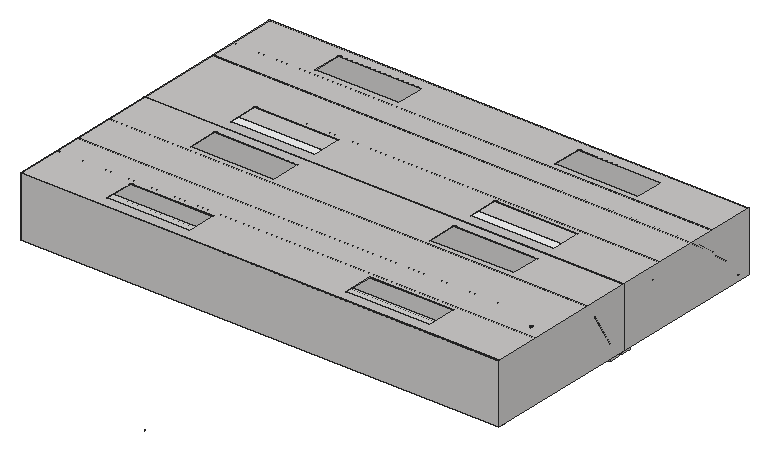
Revit family "QF_ELECTROLUXPROFESSIONAL_640242_STCF2640", category Attrezzature speciali, Revit 2021
Family settings
  Quota connettore circolare = Usa diametro
  Tipo di parte = Normale
  Basato su piano di lavoro = No
  Sempre verticale = Sì
  Taglio con vuoti quando caricato = No
  Condiviso = No
  Punto di calcolo locali = No
Parameters (values of type "Standard")
  Weight = 486.00 kg
  Watts = 640 W
  Volts = 220 V
  URL Manufacturer = "https://www.electroluxprofessional.com/"
  URL = "https://www.electroluxprofessional.com/"
  Steam Supply Size = 0 mm
  Steam Supply Minimum Pressure = 0.0 Pa
  Steam Supply Maximum Pressure = 0.0 Pa
  Steam Consumption per Hour = 0
  Refrigeration Suction Line Size = 0.0 mm
  Refrigeration Liquid Line Size = 0.0 mm
  Refrigerant Compressor Remote = yes
  Prospetto di default = 0.0 mm
  Produttore = "Electrolux Professional"
  Phase = 1
  Modello = "STCF2640"
  Length Actual = 4000.0 mm  # constant formula
  Item Number = "640242"
  Hot Water Size = 0 mm
  Height Actual = 500.0 mm  # constant formula
  HP = "0.9 HP"
  Gas Size = 0 mm
  Gas KW = 0
  Gas Input Pressure = 0 W
  Direct Waste Size = 0 mm
  Descrizione = "304 S/S ISLAND HOOD+FILT.+LAMPS 400X260"
  Depth Actual = 2600.0 mm  # constant formula
  Cycle = 50 Hz
  Condensate Return Size = 0 mm
  Compressed Air Volume = 0.0 L/s
  Compressed Air Size = 0 mm
  Compressed Air Pressure = 0.0 Pa
  Cold Water Size = 0 mm
  Accessory = yes
Reference planes
  plane 1 "Center (Front/Back)": y = 0
  plane 2: z = 0
  plane 3 "Center (Left/Right)": x = 600
  plane 4 "LEFT": x = -1400
  plane 5 "RIGHT": x = 2600
  plane 6 "BACK": y = 1300
  plane 7 "FRONT": y = -1300
  plane 8 "Base": z = 2000
  plane 9 "EIx": x = 2480
  plane 10 "Top": z = 2500
  plane 11 "BaseHood": z = 2000
  plane 12 "EI": y = -820
Forms (mm)
  Extrusion 1, solid, material "QF_Finishes_Stainless Steel"
    sketch origin (0, -820, 2500) x (0, 1, 0) y (-1, 0, 0)
      loop
        circle (0, -2480) r 10
    from 0 to 1.6
Dimensions and locks
  equal spacing: plane 6 "BACK", plane 1 "Center (Front/Back)", plane 7 "FRONT"
  plane 6 "BACK" to plane 7 "FRONT" = 2600.0 mm
  locked: plane 9 "EIx" to plane 5 "RIGHT" at 120
  plane 11 "BaseHood" to level = 2000.0 mm
  plane 10 "Top" to plane 11 "BaseHood" = 500.0 mm
  equal spacing: plane 4 "LEFT", plane 3 "Center (Left/Right)", plane 5 "RIGHT"
  plane 4 "LEFT" to plane 5 "RIGHT" = 4000.0 mm
  plane 12 "EI" to plane 7 "FRONT" = 480.0 mm
  aligned and locked: level to plane 2
Automatic sketch dimensions
  plane 1 "Center (Front/Back)" to Extrusion 1 sketch curve = 820.0 mm
  Extrusion 1 sketch curve to plane 9 "EIx" = 0.0 mm
  radius of Extrusion 1 sketch curve = 10.0 mm
Nested families
  nested 1: "QF_ELECTROLUXPROFESSIONAL_640233" at (450, -550, 0), type "QF_ELECTROLUXPROFESSIONAL_640233"
  nested 2: "QF_ELECTROLUXPROFESSIONAL_640233" at (450, 550, 0), type "QF_ELECTROLUXPROFESSIONAL_640233"
Connectors
  piping at (2480, 60, 1970), diameter 9.5
    settings: on nested 2, index 9, connector inside diameter 609.6 mm, connector length 0.0 mm, flow factor 0, pipe flow 0.0 L/s, pressure drop 0.0 Pa, fitting loss kfactor 0, connector angle 0.00°, fixture units 0, engagement length 0.0 mm, angle of deflection 0.00°, flow configuration 1, flow direction 2, fitting loss method 0, system type 16, joint type 0, gender type 0, connector reference index -1, connector utility 0, adjustable connector no, is connector primary yes, connector description "Drain"
  piping at (2480, -60, 1970), diameter 9.5
    settings: on nested 1, index 10, connector inside diameter 609.6 mm, connector length 0.0 mm, flow factor 0, pipe flow 0.0 L/s, pressure drop 0.0 Pa, fitting loss kfactor 0, connector angle 0.00°, fixture units 0, engagement length 0.0 mm, angle of deflection 0.00°, flow configuration 1, flow direction 2, fitting loss method 0, system type 16, joint type 0, gender type 0, connector reference index -1, connector utility 0, adjustable connector no, is connector primary no, connector description "Drain"
  electrical at (2480, -820, 2501.6), driven by "Volts"
    settings: on Extrusion 1, index 11, voltage 220 V, apparent load 0 VA, apparent load phase1 0 VA, apparent load phase2 0 VA, apparent load phase3 0 VA, power factor 1, load classification "Other", number of poles 1, system type 30, power factor state 1, is connector primary yes, connector utility no, sub classification motor no, connector description "Electrical Connection"
  hvac at (-400, -1089, 2500)
    settings: on nested 1, index 12, duct flow 0.0 L/s, flow factor 0, pres drop 0.0 Pa, loss coef 0, conn angle 0.00°, conn width 700 mm, conn height 250 mm, conn diameter 609.6 mm, duct sys type 1, conn prof type 1, flow config 1, flow direction 1, loss method 0, conn ref index -1, conn util no, is conn primary yes, conn desc "AIR INLET"
  hvac at (-400, 1089, 2500)
    settings: on nested 2, index 13, duct flow 0.0 L/s, flow factor 0, pres drop 0.0 Pa, loss coef 0, conn angle 0.00°, conn width 250 mm, conn height 700 mm, conn diameter 609.6 mm, duct sys type 1, conn prof type 1, flow config 1, flow direction 1, loss method 0, conn ref index -1, conn util no, is conn primary no, conn desc "AIR INLET"
  hvac at (1600, 1089, 2500)
    settings: on nested 2, index 14, duct flow 0.0 L/s, flow factor 0, pres drop 0.0 Pa, loss coef 0, conn angle 0.00°, conn width 250 mm, conn height 700 mm, conn diameter 609.6 mm, duct sys type 1, conn prof type 1, flow config 1, flow direction 1, loss method 0, conn ref index -1, conn util no, is conn primary no, conn desc "AIR INLET"
  hvac at (1600, -1089, 2500)
    settings: on nested 1, index 15, duct flow 0.0 L/s, flow factor 0, pres drop 0.0 Pa, loss coef 0, conn angle 0.00°, conn width 700 mm, conn height 250 mm, conn diameter 609.6 mm, duct sys type 1, conn prof type 1, flow config 1, flow direction 1, loss method 0, conn ref index -1, conn util no, is conn primary no, conn desc "AIR INLET"
  hvac at (-400, 211, 2500)
    settings: on nested 2, index 16, duct flow 0.0 L/s, flow factor 0, pres drop 0.0 Pa, loss coef 0, conn angle 0.00°, conn width 250 mm, conn height 700 mm, conn diameter 609.6 mm, duct sys type 3, conn prof type 1, flow config 1, flow direction 2, loss method 0, conn ref index -1, conn util no, is conn primary no, conn desc "EXHAUST OUTLET"
  hvac at (-400, -211, 2500)
    settings: on nested 1, index 17, duct flow 0.0 L/s, flow factor 0, pres drop 0.0 Pa, loss coef 0, conn angle 0.00°, conn width 700 mm, conn height 250 mm, conn diameter 609.6 mm, duct sys type 3, conn prof type 1, flow config 1, flow direction 2, loss method 0, conn ref index -1, conn util no, is conn primary no, conn desc "EXHAUST OUTLET"
  hvac at (1600, 211, 2500)
    settings: on nested 2, index 18, duct flow 0.0 L/s, flow factor 0, pres drop 0.0 Pa, loss coef 0, conn angle 0.00°, conn width 250 mm, conn height 700 mm, conn diameter 609.6 mm, duct sys type 3, conn prof type 1, flow config 1, flow direction 2, loss method 0, conn ref index -1, conn util no, is conn primary no, conn desc "EXHAUST OUTLET"
  hvac at (1600, -211, 2500)
    settings: on nested 1, index 19, duct flow 0.0 L/s, flow factor 0, pres drop 0.0 Pa, loss coef 0, conn angle 0.00°, conn width 700 mm, conn height 250 mm, conn diameter 609.6 mm, duct sys type 3, conn prof type 1, flow config 1, flow direction 2, loss method 0, conn ref index -1, conn util no, is conn primary no, conn desc "EXHAUST OUTLET"
Definition of nested family "QF_ELECTROLUXPROFESSIONAL_640233"
  Parameters
    Default Elevation = 0.0 mm
  Reference planes
    plane 1: z = 0
    plane 2 "Center (Left/Right)": x = 150
    plane 3 "LEFT": x = -1850
    plane 4 "RIGHT": x = 2150
    plane 5 "BACK": y = 550
    plane 6 "TOP": z = 2500
    plane 7 "Base": z = 2000
    plane 8: z = 1955
    plane 9 "DrainY": y = 490
    plane 10: x = -1847
    plane 11 "DrainX": x = 2030
    plane 12 "AOLeft2": x = -500
    plane 13 "AORight1": x = 800
    plane 14: x = 2147
    plane 15: x = -1650
    plane 16: x = 1950
    plane 17 "Center (Front/Back)": y = -100
    plane 18 "Front": y = -750
    plane 19 "AOLeft1": x = -1200
    plane 20 "AORight2": x = 1500
    plane 21: y = -664
    plane 22: y = -414
    plane 23 "EI_y": y = -270
    plane 24 "EIx": x = 2030
    plane 25: y = 464
    plane 26: y = 214
  Forms (mm)
    Extrusion 1, solid
      sketch origin (-1850, 0, 360) x (0, 1, 0) y (0, 0, 1)
        loop
          line (550, 1640) -> (550, 2140) -> (-750, 2140) -> (-750, 1640) -> (550, 1640)
      from 0 to 3
    Extrusion 2, solid
      sketch origin (2150, 0, 360) x (0, 1, 0) y (0, 0, 1)
        loop
          line (550, 1640) -> (550, 2140) -> (-750, 2140) -> (-750, 1640) -> (550, 1640)
      from 0 to -3
    Extrusion 3, solid
      sketch origin (150, 0, 360) x (0, 1, 0) y (0, 0, 1)
        loop
          line (-750, 2140) -> (-750, 1640) -> (-740, 1640) -> (-740, 1640.8) -> (-749.2, 1640.8) -> (-749.2, 2139.19) -> (549.2, 2139.19) -> (549.2, 1640.8) -> (540, 1640.8) -> (540, 1640) -> (550, 1640) -> (550, 2140) -> (-750, 2140)
      from -2000 to 2000
    Extrusion 4, solid
      sketch origin (0, 0, 2000) x (0, 1, 0) y (-1, 0, 0)
        loop
          circle (490, -2030) r 4.763
      from -30 to 0
    Extrusion 5, void
      sketch origin (0, 0, 2500) x (0, 1, 0) y (-1, 0, 0)
        loop
          line (-414, 500) -> (-414, 1200) -> (-664, 1200) -> (-664, 500) -> (-414, 500)
      from 0 to -10
    Extrusion 6, solid
      sketch origin (0, 0, 0) x (1, 0, 0) y (0, 1, 0)
        loop
          line (-1850, 550) -> (-1850, 549) -> (-1849, 549) -> (-1849, 550) -> (-1850, 550)
      from 0 to 1
    Extrusion 7, solid
      sketch origin (150, 0, 360) x (0, 1, 0) y (0, 0, 1)
        loop
          line (-372.823, 1962.324) -> (-218.948, 2086.929) -> (-227.129, 2097.032) -> (-381.003, 1972.426) -> (-372.823, 1962.324)
      from 1997 to -1997
    Extrusion 8, solid
      sketch origin (150, 0, 360) x (0, 1, 0) y (0, 0, 1)
        loop
          line (-750, 2139.19) -> (-750, 1640) -> (-686.602, 1640) -> (-599.146, 1690.493) -> (-610.058, 1709.394) -> (-666.564, 1676.77) -> (-714.704, 1680.982) -> (-749.2, 1730.248) -> (-749.2, 2139.19) -> (-750, 2139.19)
        loop
          line (-373.6, 1961.694) -> (-381.937, 1971.99) -> (-369.095, 1982.182) -> (-369.095, 2139.19) -> (-369.895, 2139.19) -> (-369.895, 1982.569) -> (-682.298, 1734.63) -> (-671.091, 1720.79) -> (-373.6, 1961.694)
        loop
          line (-227.61, 2099.216) -> (-218.171, 2087.559) -> (-154.411, 2139.19) -> (-155.682, 2139.19) -> (-218.052, 2088.684) -> (-226.989, 2099.719) -> (-227.61, 2099.216)
      from -1997 to 1997
    Sweep 9, solid
      path origin (0, 0, 0) x (1, 0, 0) y (0, 1, 0)
        loop
          line (2150, 550) -> (-1850, 550) -> (-1850, -750) -> (2150, -750) -> (2150, 550)
      profile origin (2150, -100, 0) x (1, 0, 0) y (0, 0, 1)
        loop
          line (-3, 2000) -> (-3, 2000.8) -> (-19, 2000.8) -> (-19, 2010) -> (-20, 2010) -> (-20, 2000) -> (-3, 2000)
    Extrusion 10, solid
      sketch origin (150, 0, 0) x (0, 1, 0) y (0, 0, 1)
        loop
          line (414.66, 2095.469) -> (440.643, 2110.471) -> (261.744, 2411.771) -> (235.948, 2396.455) -> (414.66, 2095.469)
      from -1997 to -1800
    Extrusion 11, void
      sketch origin (1134.605, 0, 2500) x (0, 1, 0) y (-1, 0, 0)
        loop
          line (-414, -365.395) -> (-414, 334.605) -> (-664, 334.605) -> (-664, -365.395) -> (-414, -365.395)
      from 0 to -10
    Extrusion 12, solid
      sketch origin (2030, 0, 0) x (0, 1, 0) y (0, 0, 1)
        loop
          line (539, 2000) -> (441, 2000) -> (441, 1989) -> (448.5, 1989) -> (448.5, 1965)
          arc (448.5, 1965) -> (451.429, 1957.929) -> (458.5, 1955) r 10
          line (458.5, 1955) -> (521.5, 1955)
          arc (521.5, 1955) -> (528.571, 1957.929) -> (531.5, 1965) r 10
          line (531.5, 1965) -> (531.5, 1989) -> (539, 1989) -> (539, 2000)
      from 90 to -90
    Extrusion 13, solid
      sketch origin (150, 0, 360) x (0, 1, 0) y (0, 0, 1)
        loop
          line (-750, 2139.19) -> (-750, 1640) -> (-686.602, 1640) -> (-599.146, 1690.493) -> (-610.058, 1709.394) -> (-666.564, 1676.77) -> (-714.704, 1680.982) -> (-749.2, 1730.248) -> (-749.2, 2139.19) -> (-750, 2139.19)
        loop
          line (-373.6, 1961.694) -> (-381.937, 1971.99) -> (-369.095, 1982.182) -> (-369.095, 2139.19) -> (-369.895, 2139.19) -> (-369.895, 1982.569) -> (-682.298, 1734.63) -> (-671.091, 1720.79) -> (-373.6, 1961.694)
        loop
          line (-227.61, 2099.216) -> (-218.171, 2087.559) -> (-154.411, 2139.19) -> (-155.682, 2139.19) -> (-218.052, 2088.684) -> (-226.989, 2099.719) -> (-227.61, 2099.216)
      from -1997 to 1997
    Extrusion 14, solid
      sketch origin (150, 0, 0) x (0, 1, 0) y (0, 0, 1)
        loop
          line (414.66, 2095.469) -> (440.643, 2110.471) -> (261.744, 2411.771) -> (235.948, 2396.455) -> (414.66, 2095.469)
      from 1800 to 1997
    Extrusion 15, solid
      sketch origin (150, 0, 0) x (0, 1, 0) y (0, 0, 1)
        loop
          line (414.66, 2095.469) -> (440.643, 2110.471) -> (261.744, 2411.771) -> (235.948, 2396.455) -> (414.66, 2095.469)
      from -1800 to 1800
    Extrusion 16, void
      sketch origin (0, 1180, 2500) x (0, 1, 0) y (-1, 0, 0)
        loop
          line (-716, 500) -> (-716, 1200) -> (-966, 1200) -> (-966, 500) -> (-716, 500)
      from 0 to -10
    Extrusion 17, void
      sketch origin (1600, 1180, 2500) x (0, 1, 0) y (-1, 0, 0)
        loop
          line (-716, 100) -> (-716, 800) -> (-966, 800) -> (-966, 100) -> (-716, 100)
      from 0 to -10
    Extrusion 18, solid
      sketch origin (150, 0, 360) x (0, 1, 0) y (0, 0, 1)
        loop
          line (430.005, 1640) -> (540, 1640) -> (540, 1640.8) -> (430.467, 1640.8) -> (371.906, 1742.23) -> (414.858, 1734.657) -> (442.266, 1750.481) -> (442.266, 1765.943) -> (441.466, 1765.943) -> (441.466, 1750.943) -> (414.709, 1735.495) -> (321.153, 1751.991) -> (320.875, 1750.416) -> (371.4, 1741.507) -> (430.005, 1640)
        loop
          line (172.529, 2139.19) -> (242.893, 2017.316) -> (245.133, 2018.715) -> (240.13, 2027.381) -> (238.569, 2026.405) -> (173.453, 2139.19) -> (172.529, 2139.19)
      from -1997 to 1997
  Cuts and joins
    Extrusion 5, Extrusion 11, Extrusion 16, Extrusion 17 cuts Extrusion 3
    joined: Extrusion 2, Extrusion 3, Sweep 9
  Lines and regions (mm)
    symbolic lines, detail levels coarse
      curve 1: line (2150, 550, 2500) -> (-1850, 550, 2500)
      curve 2: line (-1850, 550, 2500) -> (-1850, -750, 2500)
      curve 3: line (2150, -750, 2500) -> (2150, 550, 2500)
      curve 4: line (-1850, 550, 0) -> (2150, -750, 0)
      curve 5: line (2150, 550, 0) -> (-1850, -750, 0)
      curve 6: line (-1850, -750, 0) -> (2150, -750, 0)
      curve 7: line (-500, -414, 0) -> (-1200, -414, 0)
      curve 8: line (-500, -664, 0) -> (-500, -414, 0)
      curve 9: line (-1200, -664, 0) -> (-500, -664, 0)
      curve 10: line (-1200, -414, 0) -> (-1200, -664, 0)
      curve 11: line (800, -414, 0) -> (800, -664, 0)
      curve 12: line (1500, -414, 0) -> (800, -414, 0)
      curve 13: line (1500, -664, 0) -> (1500, -414, 0)
      curve 14: line (800, -664, 0) -> (1500, -664, 0)
      curve 15: line (-1200, 214, 2500) -> (-500, 214, 2500)
      curve 16: line (-1200, 464, 2500) -> (-1200, 214, 2500)
      curve 17: line (-500, 464, 2500) -> (-1200, 464, 2500)
      curve 18: line (-500, 214, 2500) -> (-500, 464, 2500)
      curve 19: line (800, 464, 2500) -> (800, 214, 2500)
      curve 20: line (1500, 464, 2500) -> (800, 464, 2500)
      curve 21: line (800, 214, 2500) -> (1500, 214, 2500)
      curve 22: line (1500, 214, 2500) -> (1500, 464, 2500)
  Dimensions and locks
    plane 3 "LEFT" to plane 4 "RIGHT" = 4000.0 mm
    equal spacing: plane 3 "LEFT", plane 2 "Center (Left/Right)", plane 4 "RIGHT"
    plane 7 "Base" to plane 8 = 45.0 mm
    plane 5 "BACK" to plane 9 "DrainY" = 60.0 mm  (x2)
    plane 3 "LEFT" to plane 10 = 3.0 mm
    plane 11 "DrainX" to plane 4 "RIGHT" = 120.0 mm
    plane 14 to plane 4 "RIGHT" = 3.0 mm
    plane 3 "LEFT" to plane 15 = 200.0 mm
    plane 16 to plane 4 "RIGHT" = 200.0 mm
    locked: plane 12 "AOLeft2" to plane 13 "AORight1" at 1300
    equal spacing: plane 12 "AOLeft2", plane 2 "Center (Left/Right)", plane 13 "AORight1"
    locked: plane 7 "Base" to level at 2000
    locked: plane 6 "TOP" to plane 7 "Base" at 500
    plane 5 "BACK" to plane 18 "Front" = 1300.0 mm  (x2)
    equal spacing: plane 5 "BACK", plane 17 "Center (Front/Back)", plane 18 "Front"
    locked: plane 19 "AOLeft1" to plane 12 "AOLeft2" at 700
    locked: plane 13 "AORight1" to plane 20 "AORight2" at 700
    locked: plane 22 to plane 21 at 250
    plane 21 to plane 18 "Front" = 86.0 mm
    locked: plane 23 "EI_y" to plane 18 "Front" at 480
    locked: plane 24 "EIx" to plane 4 "RIGHT" at 120
    locked: plane 26 to plane 25 at 250
    plane 5 "BACK" to plane 25 = 86.0 mm
    aligned and locked: level to plane 1
    aligned and locked: plane 4 "RIGHT" to Extrusion 3
    aligned and locked: Extrusion 3 to plane 3 "LEFT"
    aligned and locked: Extrusion 2 to plane 14
    aligned and locked: Extrusion 10 to plane 10
    aligned and locked: Extrusion 8 to plane 10
    aligned and locked: plane 14 to Extrusion 8
    aligned and locked: Extrusion 5 to plane 19 "AOLeft1"
    aligned and locked: Extrusion 5 to plane 12 "AOLeft2"
    aligned and locked: plane 20 "AORight2" to Extrusion 11
    aligned and locked: plane 13 "AORight1" to Extrusion 11
    aligned and locked: plane 15 to Extrusion 10
    aligned and locked: plane 16 to Extrusion 14
    aligned and locked: plane 14 to Extrusion 14
    aligned and locked: Extrusion 15 to plane 15
    aligned and locked: Extrusion 15 to plane 16
    aligned and locked: plane 14 to Extrusion 7
    aligned and locked: Extrusion 7 to plane 10
    aligned and locked: plane 13 "AORight1" to Extrusion 17
    aligned and locked: plane 20 "AORight2" to Extrusion 17
    aligned and locked: Extrusion 16 to plane 19 "AOLeft1"
    aligned and locked: Extrusion 16 to plane 12 "AOLeft2"
    aligned and locked: Extrusion 18 to plane 10
    aligned and locked: plane 14 to Extrusion 18
    aligned and locked: plane 14 to Extrusion 13
    aligned and locked: Extrusion 13 to plane 10
    aligned and locked: plane 22 to cut or joined group of Extrusion 2, Extrusion 3, Extrusion 5, Sweep 9, Extrusion 11, Extrusion 16, Extrusion 17  (x2)
    aligned and locked: plane 22 to curve 7
    aligned and locked: plane 22 to curve 12
    aligned and locked: cut or joined group of Extrusion 2, Extrusion 3, Extrusion 5, Sweep 9, Extrusion 11, Extrusion 16, Extrusion 17 to plane 21  (x2)
    aligned and locked: curve 9 to plane 21
    aligned and locked: curve 14 to plane 21
    aligned and locked: cut or joined group of Extrusion 2, Extrusion 3, Extrusion 5, Sweep 9, Extrusion 11, Extrusion 16, Extrusion 17 to plane 25  (x2)
    aligned and locked: curve 17 to plane 25
    aligned and locked: curve 20 to plane 25
    aligned and locked: plane 26 to cut or joined group of Extrusion 2, Extrusion 3, Extrusion 5, Sweep 9, Extrusion 11, Extrusion 16, Extrusion 17  (x2)
    aligned and locked: plane 26 to curve 21
    aligned and locked: plane 26 to curve 15
  Automatic sketch dimensions
    Extrusion 4 sketch curve to plane 9 "DrainY" = 0.0 mm
    Extrusion 4 sketch curve to plane 11 "DrainX" = 0.0 mm
    Extrusion 10 sketch curve to plane 9 "DrainY" = 75.34 mm
    Extrusion 10 sketch curve to Extrusion 10 sketch curve = 25.983 mm
    plane 7 "Base" to Extrusion 10 sketch curve = 95.469 mm
    Extrusion 10 sketch curve to Extrusion 10 sketch curve = 15.001 mm
    Extrusion 10 sketch curve to plane 6 "TOP" = 103.545 mm
    Extrusion 10 sketch curve to Extrusion 10 sketch curve = 15.316 mm
    Extrusion 14 sketch curve to plane 9 "DrainY" = 75.34 mm
    Extrusion 14 sketch curve to Extrusion 14 sketch curve = 25.983 mm
    plane 7 "Base" to Extrusion 14 sketch curve = 95.469 mm
    Extrusion 14 sketch curve to Extrusion 14 sketch curve = 15.001 mm
    Extrusion 14 sketch curve to plane 6 "TOP" = 103.545 mm
    Extrusion 14 sketch curve to Extrusion 14 sketch curve = 15.316 mm
    Extrusion 15 sketch curve to plane 9 "DrainY" = 75.34 mm
    Extrusion 15 sketch curve to Extrusion 15 sketch curve = 25.983 mm
    plane 7 "Base" to Extrusion 15 sketch curve = 95.469 mm
    Extrusion 15 sketch curve to Extrusion 15 sketch curve = 15.001 mm
    Extrusion 15 sketch curve to plane 6 "TOP" = 103.545 mm
    Extrusion 15 sketch curve to Extrusion 15 sketch curve = 15.316 mm
    Extrusion 18 sketch curve to plane 7 "Base" = 0.0 mm
    Extrusion 18 sketch curve to plane 9 "DrainY" = 47.734 mm
    Extrusion 18 sketch curve to Extrusion 18 sketch curve = 0.8 mm
    plane 9 "DrainY" to Extrusion 18 sketch curve = 50.0 mm
    plane 7 "Base" to Extrusion 18 sketch curve = 0.8 mm
    Extrusion 18 sketch curve to Extrusion 18 sketch curve = 109.533 mm
    Extrusion 18 sketch curve to Extrusion 18 sketch curve = 0.462 mm  (x2)
    Extrusion 18 sketch curve to Extrusion 18 sketch curve = 26.608 mm
    Extrusion 18 sketch curve to Extrusion 18 sketch curve = 0.148 mm
    Extrusion 18 sketch curve to Extrusion 18 sketch curve = 42.803 mm
    Extrusion 18 sketch curve to Extrusion 18 sketch curve = 0.506 mm
    Extrusion 18 sketch curve to Extrusion 18 sketch curve = 50.247 mm
    Extrusion 18 sketch curve to Extrusion 18 sketch curve = 0.278 mm
    Extrusion 18 sketch curve to Extrusion 18 sketch curve = 2.24 mm
    Extrusion 18 sketch curve to plane 6 "TOP" = 0.81 mm
    Extrusion 18 sketch curve to Extrusion 18 sketch curve = 0.924 mm
    plane 7 "Base" to Extrusion 18 sketch curve = 94.657 mm
    Extrusion 18 sketch curve to Extrusion 18 sketch curve = 0.838 mm
    Extrusion 18 sketch curve to Extrusion 18 sketch curve = 6.012 mm
    Extrusion 18 sketch curve to Extrusion 18 sketch curve = 0.723 mm
    Extrusion 18 sketch curve to Extrusion 18 sketch curve = 14.986 mm
    Extrusion 18 sketch curve to Extrusion 18 sketch curve = 15.0 mm
    Extrusion 18 sketch curve to plane 6 "TOP" = 122.684 mm
    Extrusion 18 sketch curve to Extrusion 18 sketch curve = 1.399 mm
    Extrusion 18 sketch curve to Extrusion 18 sketch curve = 9.089 mm
    Extrusion 18 sketch curve to Extrusion 18 sketch curve = 0.975 mm
    Extrusion 10 sketch curve to plane 9 "DrainY" = 228.256 mm
    Extrusion 10 sketch curve to Extrusion 10 sketch curve = 25.795 mm
    Extrusion 14 sketch curve to plane 9 "DrainY" = 228.256 mm
    Extrusion 14 sketch curve to Extrusion 14 sketch curve = 25.795 mm
    Extrusion 15 sketch curve to plane 9 "DrainY" = 228.256 mm
    Extrusion 15 sketch curve to Extrusion 15 sketch curve = 25.795 mm
    Extrusion 18 sketch curve to plane 9 "DrainY" = 244.867 mm
    Extrusion 18 sketch curve to Extrusion 18 sketch curve = 5.003 mm
    Extrusion 18 sketch curve to Extrusion 18 sketch curve = 1.561 mm
    Extrusion 18 sketch curve to Extrusion 18 sketch curve = 66.677 mm
    curve 6 to plane 3 "LEFT" = 0.0 mm
    curve 4 to plane 3 "LEFT" = 0.0 mm
    curve 10 to plane 19 "AOLeft1" = 0.0 mm
    curve 8 to plane 12 "AOLeft2" = 0.0 mm
    curve 14 to plane 13 "AORight1" = 0.0 mm
    curve 14 to plane 20 "AORight2" = 0.0 mm
    curve 5 to plane 4 "RIGHT" = 0.0 mm
    curve 6 to plane 4 "RIGHT" = 0.0 mm
    curve 4 to plane 18 "Front" = 0.0 mm
    curve 4 to plane 5 "BACK" = 0.0 mm
    curve 5 to plane 5 "BACK" = 0.0 mm
    curve 2 to plane 3 "LEFT" = 0.0 mm
    curve 2 to plane 18 "Front" = 0.0 mm
    curve 3 to plane 4 "RIGHT" = 0.0 mm
    curve 3 to plane 18 "Front" = 0.0 mm
    curve 21 to plane 20 "AORight2" = 0.0 mm
    curve 19 to plane 13 "AORight1" = 0.0 mm
    curve 15 to plane 19 "AOLeft1" = 0.0 mm
    curve 15 to plane 12 "AOLeft2" = 0.0 mm
    curve 2 to plane 5 "BACK" = 0.0 mm
    Extrusion 1 sketch curve to plane 7 "Base" = 0.0 mm
    Extrusion 1 sketch curve to plane 18 "Front" = 0.0 mm
    Extrusion 1 sketch curve to plane 5 "BACK" = 0.0 mm
    Extrusion 1 sketch curve to plane 6 "TOP" = 0.0 mm
    Extrusion 2 sketch curve to plane 7 "Base" = 0.0 mm
    Extrusion 2 sketch curve to plane 18 "Front" = 0.0 mm
    Extrusion 2 sketch curve to plane 5 "BACK" = 0.0 mm
    Extrusion 2 sketch curve to plane 6 "TOP" = 0.0 mm
    Extrusion 3 sketch curve to plane 6 "TOP" = 0.0 mm
    Extrusion 3 sketch curve to plane 18 "Front" = 0.0 mm
    Extrusion 3 sketch curve to plane 7 "Base" = 0.0 mm  (x2)
    Extrusion 3 sketch curve to plane 5 "BACK" = 0.0 mm
    plane 18 "Front" to Extrusion 3 sketch curve = 0.8 mm
    Extrusion 3 sketch curve to Extrusion 3 sketch curve = 9.2 mm
    plane 7 "Base" to Extrusion 3 sketch curve = 0.8 mm  (x2)
    Extrusion 3 sketch curve to plane 5 "BACK" = 10.0 mm
    Extrusion 3 sketch curve to plane 5 "BACK" = 0.8 mm
    Extrusion 3 sketch curve to plane 6 "TOP" = 0.81 mm
    Extrusion 5 sketch curve to plane 12 "AOLeft2" = 0.0 mm
    Extrusion 5 sketch curve to plane 21 = 0.0 mm
    Extrusion 5 sketch curve to plane 22 = 0.0 mm
    Extrusion 5 sketch curve to plane 19 "AOLeft1" = 0.0 mm
    Extrusion 6 sketch curve to plane 3 "LEFT" = 0.0 mm
    Extrusion 6 sketch curve to plane 5 "BACK" = 0.0 mm
    plane 3 "LEFT" to Extrusion 6 sketch curve = 1.0 mm
    Extrusion 6 sketch curve to Extrusion 6 sketch curve = 1.0 mm
    plane 22 to Extrusion 7 sketch curve = 32.997 mm
    Extrusion 7 sketch curve to Extrusion 7 sketch curve = 8.181 mm  (x2)
    plane 23 "EI_y" to Extrusion 7 sketch curve = 42.871 mm
    Extrusion 7 sketch curve to plane 6 "TOP" = 177.676 mm
    Extrusion 7 sketch curve to Extrusion 7 sketch curve = 10.102 mm
    Extrusion 7 sketch curve to plane 6 "TOP" = 53.071 mm
    Extrusion 7 sketch curve to Extrusion 7 sketch curve = 10.103 mm
    Extrusion 8 sketch curve to plane 7 "Base" = 0.0 mm
    Extrusion 8 sketch curve to plane 18 "Front" = 0.0 mm
    Extrusion 8 sketch curve to Extrusion 8 sketch curve = 0.8 mm  (x2)
    plane 18 "Front" to Extrusion 8 sketch curve = 35.296 mm
    Extrusion 8 sketch curve to plane 21 = 22.602 mm
    Extrusion 8 sketch curve to plane 21 = 18.298 mm
    Extrusion 8 sketch curve to plane 21 = 7.091 mm
    Extrusion 8 sketch curve to plane 21 = 2.564 mm
    plane 21 to Extrusion 8 sketch curve = 53.942 mm
    Extrusion 8 sketch curve to Extrusion 8 sketch curve = 10.912 mm
    plane 22 to Extrusion 8 sketch curve = 32.063 mm
    Extrusion 8 sketch curve to Extrusion 8 sketch curve = 8.337 mm
    Extrusion 8 sketch curve to Extrusion 8 sketch curve = 12.042 mm
    plane 23 "EI_y" to Extrusion 8 sketch curve = 42.39 mm
    Extrusion 8 sketch curve to Extrusion 8 sketch curve = 0.622 mm
    Extrusion 8 sketch curve to Extrusion 8 sketch curve = 9.44 mm
    Extrusion 8 sketch curve to Extrusion 8 sketch curve = 0.118 mm
    Extrusion 8 sketch curve to plane 6 "TOP" = 0.81 mm  (x3)
    Extrusion 8 sketch curve to plane 17 "Center (Front/Back)" = 55.682 mm
    Extrusion 8 sketch curve to Extrusion 8 sketch curve = 1.271 mm
    plane 7 "Base" to Extrusion 8 sketch curve = 36.77 mm
    plane 7 "Base" to Extrusion 8 sketch curve = 40.982 mm
    plane 7 "Base" to Extrusion 8 sketch curve = 50.493 mm
    Extrusion 8 sketch curve to Extrusion 8 sketch curve = 18.901 mm
    Extrusion 8 sketch curve to Extrusion 8 sketch curve = 44.02 mm
    Extrusion 8 sketch curve to Extrusion 8 sketch curve = 49.266 mm
    Extrusion 8 sketch curve to Extrusion 8 sketch curve = 13.84 mm
    Extrusion 8 sketch curve to plane 6 "TOP" = 178.306 mm
    Extrusion 8 sketch curve to Extrusion 8 sketch curve = 10.296 mm
    Extrusion 8 sketch curve to Extrusion 8 sketch curve = 10.192 mm
    Extrusion 8 sketch curve to Extrusion 8 sketch curve = 0.386 mm
    Extrusion 8 sketch curve to plane 6 "TOP" = 52.441 mm
    Extrusion 8 sketch curve to Extrusion 8 sketch curve = 1.125 mm
    Sweep 9 sketch curve to plane 3 "LEFT" = 0.0 mm
    Sweep 9 sketch curve to plane 4 "RIGHT" = 0.0 mm
    Sweep 9 sketch curve to plane 18 "Front" = 0.0 mm
    Sweep 9 sketch curve to plane 5 "BACK" = 0.0 mm
    profile plane to Sweep 9 sketch curve = 20.0 mm
    Sweep 9 sketch curve to Sweep 9 sketch curve = 1.0 mm
    profile plane to Sweep 9 sketch curve = 3.0 mm
    level to Sweep 9 sketch curve = 2000.0 mm
    Sweep 9 sketch curve to Sweep 9 sketch curve = 0.8 mm
    Sweep 9 sketch curve to Sweep 9 sketch curve = 9.2 mm
    Extrusion 11 sketch curve to plane 20 "AORight2" = 0.0 mm
    Extrusion 11 sketch curve to plane 21 = 0.0 mm
    Extrusion 11 sketch curve to plane 22 = 0.0 mm
    Extrusion 11 sketch curve to plane 13 "AORight1" = 0.0 mm
    Extrusion 12 sketch curve to plane 7 "Base" = 0.0 mm
    Extrusion 12 sketch curve to plane 8 = 0.0 mm
    Extrusion 12 sketch curve to plane 7 "Base" = 11.0 mm  (x2)
    plane 25 to Extrusion 12 sketch curve = 23.0 mm
    Extrusion 12 sketch curve to Extrusion 12 sketch curve = 7.5 mm  (x2)
    plane 25 to Extrusion 12 sketch curve = 5.5 mm
    Extrusion 12 sketch curve to plane 5 "BACK" = 28.5 mm
    Extrusion 12 sketch curve to plane 5 "BACK" = 18.5 mm
    Extrusion 13 sketch curve to plane 7 "Base" = 0.0 mm
    Extrusion 13 sketch curve to plane 18 "Front" = 0.0 mm
    Extrusion 13 sketch curve to Extrusion 13 sketch curve = 0.8 mm  (x2)
    plane 18 "Front" to Extrusion 13 sketch curve = 35.296 mm
    Extrusion 13 sketch curve to plane 21 = 22.602 mm
    Extrusion 13 sketch curve to plane 21 = 18.298 mm
    Extrusion 13 sketch curve to plane 21 = 7.091 mm
    Extrusion 13 sketch curve to plane 21 = 2.564 mm
    plane 21 to Extrusion 13 sketch curve = 53.942 mm
    Extrusion 13 sketch curve to Extrusion 13 sketch curve = 10.912 mm
    plane 22 to Extrusion 13 sketch curve = 32.063 mm
    Extrusion 13 sketch curve to Extrusion 13 sketch curve = 8.337 mm
    Extrusion 13 sketch curve to Extrusion 13 sketch curve = 12.042 mm
    plane 23 "EI_y" to Extrusion 13 sketch curve = 42.39 mm
    Extrusion 13 sketch curve to Extrusion 13 sketch curve = 0.622 mm
    Extrusion 13 sketch curve to Extrusion 13 sketch curve = 9.44 mm
    Extrusion 13 sketch curve to Extrusion 13 sketch curve = 0.118 mm
    Extrusion 13 sketch curve to plane 6 "TOP" = 0.81 mm  (x3)
    Extrusion 13 sketch curve to plane 17 "Center (Front/Back)" = 55.682 mm
    Extrusion 13 sketch curve to Extrusion 13 sketch curve = 1.271 mm
    plane 7 "Base" to Extrusion 13 sketch curve = 36.77 mm
    plane 7 "Base" to Extrusion 13 sketch curve = 40.982 mm
    plane 7 "Base" to Extrusion 13 sketch curve = 50.493 mm
    Extrusion 13 sketch curve to Extrusion 13 sketch curve = 18.901 mm
    Extrusion 13 sketch curve to Extrusion 13 sketch curve = 44.02 mm
    Extrusion 13 sketch curve to Extrusion 13 sketch curve = 49.266 mm
    Extrusion 13 sketch curve to Extrusion 13 sketch curve = 13.84 mm
    Extrusion 13 sketch curve to plane 6 "TOP" = 178.306 mm
    Extrusion 13 sketch curve to Extrusion 13 sketch curve = 10.296 mm
    Extrusion 13 sketch curve to Extrusion 13 sketch curve = 10.192 mm
    Extrusion 13 sketch curve to Extrusion 13 sketch curve = 0.386 mm
    Extrusion 13 sketch curve to plane 6 "TOP" = 52.441 mm
    Extrusion 13 sketch curve to Extrusion 13 sketch curve = 1.125 mm
    Extrusion 16 sketch curve to plane 12 "AOLeft2" = 0.0 mm
    Extrusion 16 sketch curve to plane 19 "AOLeft1" = 0.0 mm
    Extrusion 16 sketch curve to plane 9 "DrainY" = 26.0 mm
    Extrusion 16 sketch curve to plane 26 = 0.0 mm
    Extrusion 17 sketch curve to plane 20 "AORight2" = 0.0 mm
    Extrusion 17 sketch curve to plane 13 "AORight1" = 0.0 mm
    Extrusion 17 sketch curve to plane 9 "DrainY" = 26.0 mm
    Extrusion 17 sketch curve to plane 26 = 0.0 mm
    radius of Extrusion 4 sketch curve = 4.763 mm
